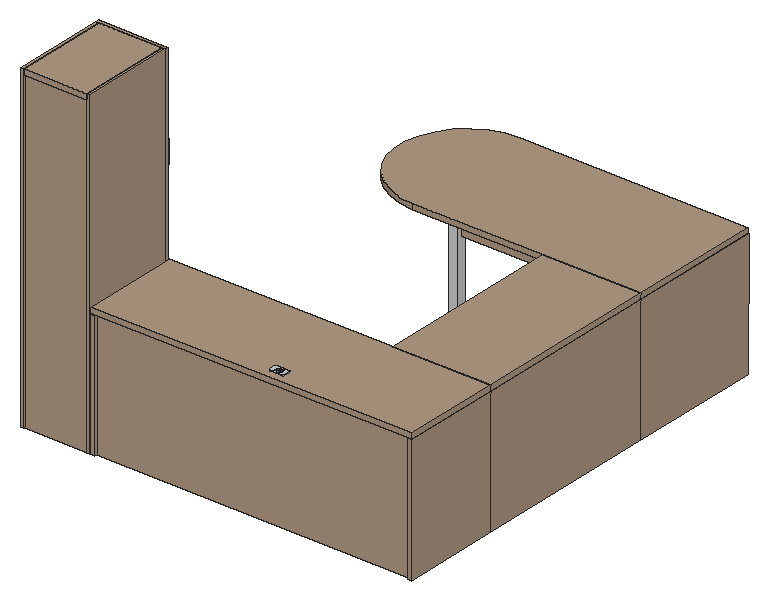
Revit family "T100047", category Furniture, Revit 2013
Parameters (values of type "T100047")
  Width = 87 5/8"
  URL = "http://www.ofsbrands.com/"
  Top Core Material = OFS BRANDS IMPULSE Top Core Wood
  Tackboard Material = OFS BRANDS IMPULSE Tackboard Fabric
  Support Material = OFS BRANDS IMPULSE Support Metal
  Pull Material = OFS BRANDS IMPULSE Pull Metal
  Model = "T100047"
  Manufacturer = "OFS"
  Lock Material = OFS BRANDS IMPULSE Lock Metal
  Height = 72"
  Drawer Front Material = OFS BRANDS IMPULSE Drawer Front Wood
  Description = "OFS BRANDS OFS IMPULSE G2 TYPICAL T100047"
  Depth = 94"
  Copyright © = "© 2018 OFS BRANDS"
  Chassis Material = OFS BRANDS IMPULSE Chassis Wood
  Catalog = "http://ofsbrands.com/products/casegoods/private-office/impulse-g2"
  Grommet  Material = OFS BRANDS IMPULSE Grommet Metal
  Back Coverage Material = OFS BRANDS IMPULSE Back Coverage Plastic
  Authoring Version = "Autodesk Revit Architecture 2013"
  Assembly Code = "E2020200"
Reference planes (in)
  plane 1 "Center (Front/Back)": y = 0
  plane 2: z = 0
  plane 3 "Center (Left/Right)": x = 0
Forms (in)
  Extrusion 1, solid, material "OFS BRANDS IMPULSE Chassis Wood" <- "Chassis Material"
    sketch origin (-2.23234, 41.56478, 0) x (-1, 0, 0) y (0, 0, -1)
      loop
        line (5.99991, -16.3125) -> (-44.98234, -16.3125) -> (-44.98234, -28.1875) -> (5.99991, -28.1875) -> (5.99991, -16.3125)
    from 9.18978 to 9.93978
  Extrusion 2, solid, material "OFS BRANDS IMPULSE Top Core Wood" <- "Top Core Material"
    sketch origin (22.81251, -14.00023, 0) x (1, 0, 0) y (0, 1, 0)
      loop
        line (-30.00001, 30.99936) -> (20.99999, 30.99936) -> (20.99999, 61.00023) -> (-30.00001, 61.00023)
        arc (-30.00001, 61.00023) -> (-45.00001, 46.00023) -> (-30.00001, 30.99936) r 15
    from 28.30925 to 29.4745
  Extrusion 3, solid, material "OFS BRANDS IMPULSE Top Core Wood" <- "Top Core Material"
    sketch origin (16.81251, 35.99935, 0) x (1, 0, 0) y (0, 1, 0)
      loop
        line (5.00084, -60.99935) -> (26.99999, -60.99935) -> (26.99999, -19.00023) -> (5.00084, -19.00023) -> (5.00084, -60.99935)
    from 28.30925 to 29.4745
  Extrusion 4, solid, material "OFS BRANDS IMPULSE Chassis Wood" <- "Chassis Material"
    sketch origin (43.49729, -25.48277, 0) x (0, -1, 0) y (0, 0, -1)
      loop
        line (-0.48277, 0) -> (-42.4819, 0) -> (-42.4819, -28.1875) -> (-0.48277, -28.1875) -> (-0.48277, 0)
    from -0.74728 to 0.31522
  Extrusion 5, solid, material "OFS BRANDS IMPULSE Chassis Wood" <- "Chassis Material"
    sketch origin (43.49729, -25.48277, 28.1875) x (0, -1, 0) y (0, 0, -1)
      loop
        line (-0.48277, 0) -> (-42.4819, 0) -> (-42.4819, -0.12175) -> (-0.48277, -0.12175) -> (-0.48277, 0)
    from -0.74728 to 0.18936
  Extrusion 6, solid, material "OFS BRANDS IMPULSE Chassis Wood" <- "Chassis Material"
    sketch origin (43.49729, 22.51594, 0) x (0, -1, 0) y (0, 0, -1)
      loop
        line (5.51766, 0) -> (-24.48406, 0) -> (-24.48406, -28.1875) -> (5.51767, -28.1875) -> (5.51766, 0)
    from -0.74728 to 0.31522
  Extrusion 7, solid, material "OFS BRANDS IMPULSE Chassis Wood" <- "Chassis Material"
    sketch origin (43.49729, 22.51593, 28.1875) x (0, -1, 0) y (0, 0, -1)
      loop
        line (5.39137, 0) -> (-24.35863, 0) -> (-24.35863, -0.12175) -> (5.39137, -0.12175) -> (5.39137, 0)
    from -0.74728 to 0.18936
  Extrusion 8, solid, material "OFS BRANDS IMPULSE Support Metal" <- "Support Material"
    sketch origin (-4.1875, -3.00044, 0) x (-1, 0, 0) y (0, -1, 0)
      loop
        line (4.0625, -35.89202) -> (6.0625, -35.89202) -> (6.0625, -33.89202) -> (4.0625, -33.89202) -> (4.0625, -35.89202)
    from 0 to 28.30925
  Extrusion 9, solid, material "OFS BRANDS IMPULSE Chassis Wood" <- "Chassis Material"
    sketch origin (43.49729, -24.51723, 0) x (0, 1, 0) y (0, 0, 1)
      loop
        line (-0.48277, 0) -> (-0.48277, 28.1875) -> (-22.48277, 28.1875) -> (-22.48277, 0) -> (-0.48277, 0)
    from -0.74728 to 0.31522
  Extrusion 10, solid, material "OFS BRANDS IMPULSE Chassis Wood" <- "Chassis Material"
    sketch origin (43.49729, -24.51723, 28.1875) x (0, 1, 0) y (0, 0, 1)
      loop
        line (-0.48277, 0) -> (-0.48277, 0.12175) -> (-22.35782, 0.12175) -> (-22.35782, 0) -> (-0.48277, 0)
    from -0.74728 to 0.18936
  Extrusion 11, solid, material "OFS BRANDS IMPULSE Top Core Wood" <- "Top Core Material"
    sketch origin (32.81209, 0.00108, 0) x (1, 0, 0) y (0, 1, 0)
      loop
        line (-61.00045, -47.00108) -> (11.00041, -47.00108) -> (11.00041, -24.99979) -> (-61.00045, -24.99979) -> (-61.00045, -47.00108)
      loop
        line (-20.56252, -44.4398) -> (-20.56252, -44.52858)
        arc (-20.56252, -44.52858) -> (-20.31945, -44.4279) -> (-20.21877, -44.18483) r 0.34375
        line (-20.21877, -44.18483) -> (-20.30756, -44.18483) -> (-20.30756, -43.93483) -> (-20.21877, -43.93483)
        arc (-20.21877, -43.93483) -> (-20.31945, -43.69177) -> (-20.56252, -43.59108) r 0.34375
        line (-20.56252, -43.59108) -> (-20.56252, -43.67987) -> (-21.43752, -43.67987) -> (-21.43752, -43.59108)
        arc (-21.43752, -43.59108) -> (-21.68059, -43.69177) -> (-21.78127, -43.93483) r 0.34375
        line (-21.78127, -43.93483) -> (-21.69248, -43.93483) -> (-21.69248, -44.18483) -> (-21.78127, -44.18483)
        arc (-21.78127, -44.18483) -> (-21.68059, -44.4279) -> (-21.43752, -44.52858) r 0.34375
        line (-21.43752, -44.52858) -> (-21.43752, -44.4398) -> (-20.56252, -44.4398)
    from 28.30925 to 29.4745
  Extrusion 12, solid, material "OFS BRANDS IMPULSE Grommet Metal" <- "Grommet  Material"
    sketch origin (-9.33059, -17.93375, 29.162) x (0, -1, 0) y (-1, 0, 0)
      loop
        line (26.50497, -21.11142) -> (27.125, -21.11142) -> (27.125, -19.89267)
        arc (27.125, -19.89267) -> (26.99686, -19.58331) -> (26.6875, -19.45517) r 0.4375
        line (26.6875, -19.45517) -> (25.5625, -19.45517)
        arc (25.5625, -19.45517) -> (25.25314, -19.58331) -> (25.125, -19.89267) r 0.4375
        line (25.125, -19.89267) -> (25.125, -21.11142) -> (25.74504, -21.11142) -> (25.74504, -20.70517) -> (25.65625, -20.70517)
        arc (25.65625, -20.70517) -> (25.75693, -20.4621) -> (26, -20.36142) r 0.34375
        line (26, -20.36142) -> (26, -20.4502) -> (26.25, -20.4502) -> (26.25, -20.36142)
        arc (26.25, -20.36142) -> (26.49307, -20.4621) -> (26.59375, -20.70517) r 0.34375
        line (26.59375, -20.70517) -> (26.50497, -20.70517) -> (26.50497, -21.11142)
      loop
        line (26.50497, -21.17392) -> (26.50497, -21.58017) -> (26.59375, -21.58017)
        arc (26.59375, -21.58017) -> (26.49307, -21.82323) -> (26.25, -21.92392) r 0.34375
        line (26.25, -21.92392) -> (26.25, -21.83513) -> (26, -21.83513) -> (26, -21.92392)
        arc (26, -21.92392) -> (25.75693, -21.82323) -> (25.65625, -21.58017) r 0.34375
        line (25.65625, -21.58017) -> (25.74504, -21.58017) -> (25.74504, -21.17392) -> (25.125, -21.17392) -> (25.125, -22.39267)
        arc (25.125, -22.39267) -> (25.25314, -22.70203) -> (25.5625, -22.83017) r 0.4375
        line (25.5625, -22.83017) -> (26.6875, -22.83017)
        arc (26.6875, -22.83017) -> (26.99686, -22.70202) -> (27.125, -22.39266) r 0.4375
        line (27.125, -22.39266) -> (27.125, -21.17392) -> (26.50497, -21.17392)
    from -0.38 to -0.3125
  Extrusion 13, solid, material "OFS BRANDS IMPULSE Chassis Wood" <- "Chassis Material"
    sketch origin (66.07313, -46.68393, 0) x (1, 0, 0) y (0, 0, 1)
      loop
        line (-23.32313, 0) -> (-23.32313, 28.30925) -> (-93.19898, 28.30925) -> (-93.19898, 0) -> (-23.32313, 0)
    from -0.86583 to -0.11583
  Extrusion 14, solid, material "OFS BRANDS IMPULSE Drawer Front Wood" <- "Drawer Front Material"
    sketch origin (46.07148, -26.31165, -13.875) x (1, 0, 0) y (0, 0, 1)
      loop
        line (-74.19733, 28.0625) -> (-74.19733, 14.18746) -> (-44.32233, 14.18746) -> (-44.32233, 28.0625) -> (-74.19733, 28.0625)
    from -1.0681 to -0.3125
  Extrusion 15, solid, material "OFS BRANDS IMPULSE Pull Metal" <- "Pull Material"
    sketch origin (23.87166, 4.1767, -15.912) x (1, 0, 0) y (0, 1, 0)
      loop
        line (-39.43501, -29.42671) -> (-39.43501, -28.42671) -> (-34.68501, -28.42671) -> (-34.68501, -29.42671) -> (-34.43501, -29.42671) -> (-34.43501, -28.17671) -> (-39.68501, -28.17671) -> (-39.68501, -29.42671) -> (-39.43501, -29.42671)
    from 28.9745 to 29.4745
  Extrusion 16, solid, material "OFS BRANDS IMPULSE Pull Metal" <- "Pull Material"
    sketch origin (23.87166, 4.17671, -2.037) x (1, 0, 0) y (0, 1, 0)
      loop
        line (-39.43501, -29.42671) -> (-39.43501, -28.42671) -> (-34.68501, -28.42671) -> (-34.68501, -29.42671) -> (-34.43501, -29.42671) -> (-34.43501, -28.17671) -> (-39.68501, -28.17671) -> (-39.68501, -29.42671) -> (-39.43501, -29.42671)
    from 28.9745 to 29.4745
  Extrusion 17, solid, material "OFS BRANDS IMPULSE Drawer Front Wood" <- "Drawer Front Material"
    sketch origin (46.07148, -26.31165, 0) x (1, 0, 0) y (0, 0, 1)
      loop
        line (-74.19733, 28.0625) -> (-74.19733, 14.3125) -> (-44.32233, 14.3125) -> (-44.32233, 28.0625) -> (-74.19733, 28.0625)
    from -1.0681 to -0.3125
  Extrusion 18, solid, material "OFS BRANDS IMPULSE Chassis Wood" <- "Chassis Material"
    sketch origin (66.07313, -26.87143, 0) x (1, 0, 0) y (0, 0, 1)
      loop
        line (-65.32398, 0) -> (-65.32398, 28.1875) -> (-93.19898, 28.1875) -> (-93.19898, 0) -> (-65.32398, 0)
    from -0.87228 to -0.11668
  Extrusion 19, solid, material "OFS BRANDS IMPULSE Chassis Wood" <- "Chassis Material"
    sketch origin (1.49643, -23.76121, 0) x (0, 1, 0) y (0, 0, 1)
      loop
        line (-2.23233, 0) -> (-2.23233, 28.1875) -> (-22.05043, 28.1875) -> (-22.05043, 0) -> (-2.23233, 0)
    from -0.37228 to 0.31522
  Extrusion 20, solid, material "OFS BRANDS IMPULSE Chassis Wood" <- "Chassis Material"
    sketch origin (1.49643, -23.76121, 28.1875) x (0, 1, 0) y (0, 0, 1)
      loop
        line (-2.23234, 0) -> (-2.23234, 0.12175) -> (-22.08544, 0.12175) -> (-22.08544, 0) -> (-2.23234, 0)
    from -0.74728 to 0.19022
  Extrusion 21, solid, material "OFS BRANDS IMPULSE Lock Metal" <- "Lock Material"
    sketch origin (-21.83323, -26.30665, 4.625) x (-1, 0, 0) y (0, 0, -1)
      loop
        circle (4.64267, -22.54687) r 0.3125
    from -1.15125 to -1.0631
  Extrusion 22, solid, material "OFS BRANDS IMPULSE Chassis Wood" <- "Chassis Material"
    sketch origin (-27.43835, -23.76681, -48.5255) x (0, 1, 0) y (0, 0, 1)
      loop
        line (-2.23319, 48.5255) -> (-2.23319, 76.713) -> (-23.23319, 76.713) -> (-23.23319, 48.5255) -> (-2.23319, 48.5255)
    from -0.75 to 0.3125
  Extrusion 23, solid, material "OFS BRANDS IMPULSE Chassis Wood" <- "Chassis Material"
    sketch origin (-27.43835, -23.76681, -20.338) x (0, 1, 0) y (0, 0, 1)
      loop
        line (-2.35259, 48.5255) -> (-2.35259, 48.64724) -> (-23.10824, 48.64724) -> (-23.10824, 48.5255) -> (-2.35259, 48.5255)
    from -0.625 to 0.3125
  Extrusion 24, solid, material "OFS BRANDS IMPULSE Drawer Front Wood" <- "Drawer Front Material"
    sketch origin (24.04484, -26.31164, 0) x (1, 0, 0) y (0, 0, 1)
      loop
        line (-67.79484, 71.9375) -> (-67.79484, 0.5625) -> (-52.29233, 0.5625) -> (-52.29233, 71.9375) -> (-67.79484, 71.9375)
    from -1.06164 to -0.3125
  Extrusion 25, solid, material "OFS BRANDS IMPULSE Chassis Wood" <- "Chassis Material"
    sketch origin (-36.87249, 0.00109, 42.56575) x (1, 0, 0) y (0, 1, 0)
      loop
        line (7.93499, -47.00023) -> (7.93499, -26.00024) -> (-6.19001, -26.00024) -> (-6.19001, -47.00023) -> (7.93499, -47.00023)
    from 28.24674 to 29.43425
  Extrusion 26, solid, material "OFS BRANDS IMPULSE Chassis Wood" <- "Chassis Material"
    sketch origin (5.04648, -46.93393, 0) x (1, 0, 0) y (0, 0, 1)
      loop
        line (-33.98398, 0) -> (-33.98398, 70.8125) -> (-48.10898, 70.8125) -> (-48.10898, 0) -> (-33.98398, 0)
    from -0.87143 to -0.18393
  Extrusion 27, solid, material "OFS BRANDS IMPULSE Chassis Wood" <- "Chassis Material"
    sketch origin (-43.0625, -16.76681, 29.4745) x (0, 1, 0) y (0, 0, 1)
      loop
        line (-9.23234, -29.4745) -> (-9.23233, 42.5255) -> (-30.23233, 42.5255) -> (-30.23233, -29.4745) -> (-9.23234, -29.4745)
    from -0.75 to 0
  Extrusion 28, solid, material "OFS BRANDS IMPULSE Pull Metal" <- "Pull Material"
    sketch origin (-0.023, 4.17671, 87.24751) x (0, 0, 1) y (0, 1, 0)
      loop
        line (-39.43501, -29.42671) -> (-39.43501, -28.42671) -> (-34.68501, -28.42671) -> (-34.68501, -29.42671) -> (-34.43501, -29.42671) -> (-34.43501, -28.17671) -> (-39.68501, -28.17671) -> (-39.68501, -29.42671) -> (-39.43501, -29.42671)
    from 28.9745 to 29.4745
  Extrusion 29, solid, material "OFS BRANDS IMPULSE Chassis Wood" <- "Chassis Material"
    sketch origin (61.04648, -26.87143, 0) x (1, 0, 0) y (0, 0, 1)
      loop
        line (-89.98398, 0) -> (-89.98398, 70.8125) -> (-104.10898, 70.8125) -> (-104.10898, 0) -> (-89.98398, 0)
    from -0.87228 to -0.11668
  Extrusion 30, solid, material "OFS BRANDS IMPULSE Chassis Wood" <- "Chassis Material"
    sketch origin (-28.1875, -16.76681, 29.4745) x (0, 1, 0) y (0, 0, 1)
      loop
        line (-9.23234, -29.4745) -> (-9.23233, 42.5255) -> (-30.23233, 42.5255) -> (-30.23233, -29.4745) -> (-9.23234, -29.4745)
    from -0.75 to 0
Dimensions and locks (in)
  aligned and locked: level to plane 2
